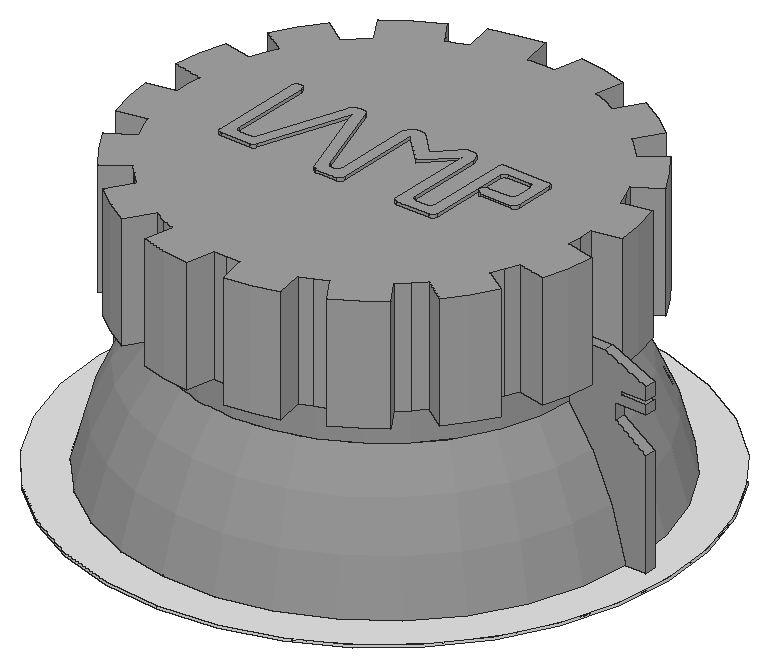
Revit family "LAMP_KOMBIC 200 RD TW", category Luminarias, Revit 2018
Family settings
  Anfitrión = Techo
  Cota de conector redondo = Diámetro de uso
  Tipo de pieza = Normal
  Número OmniClass = 23.80.70.11
  Título OmniClass = Luminaries for Internal Lighting
  Siempre vertical = Sí
  Corte con vacíos al cargar = No
  Origen de luz = Sí
  Compartido = No
  Punto de cálculo de habitación = No
Parameters (values of type "1355LM 2700-6500 MATT BLANCO")
  Ángulo de inclinación = 90.00°
  Without accessory [instance] = yes
  Weight = 0.976 kg
  Wattage = 15.5 W
  Type = "MID POWER NICHIA"
  Transparent glass 860614X [instance] = and(Change accessory, not(Without accessory))  # no
  Recessed diameter = 209 mm
  built-in parameter 1150110 = 1 (stored number, unit not read)
  Protection rating = "IP44"
  Product datasheet = "http://www.lamp.es/product-files/TECH/K31RD2040OP9TWDMW-EN.pdf"
  Product code = "K31RD2040OP9TWDMW"
  Product URL = "https://www.lamp.es/en/family/kombic-downlight_33313"
  Power Supply = "220-240V 50-60Hz"
  Power = 12 W
  Plum = 15.5 W
  Photobiological risk = "Group 0"
  Modelo = Product code  # "K31RD2040OP9TWDMW"
  Model explanation = "Availability of switching between accessories through visibility parameters when placed in a project."
  Material Reflector = LAMP_PC Reflector Kombic Metalizado Mate
  Material Disipador = LAMP_Aluminio Disipador Kombic
  Material Difusor = LAMP_PMMA Difusor Kombic
  Material Armazón GR = LAMP_PC Armazón Kombic GR
  Material Armazón BL = LAMP_PC Armazón Kombic BL
  Manufacturer name = "LAMP"
  Manufacturer country = "Spain"
  Manufacturer URL = "http://www.lamp.es/en"
  MacAdam = "3"
  Lámpara = "MID-POWER LED"
  Luminaire type = ""
  Last update = "24/02/2022"
  LED Lifetime = "50.000 L90 B10"
  Insulation class = "II"
  Installation instructions = "https://www.lamp.es/product-files/packed/INS/33315_Kombic_200.zip"
  IEE = "A+"
  Height = Altura exterior  # 106 mm
  Gear = "Electronic"
  Finish = "RAL9010"
  built-in parameter 1114217 = 1 (stored number, unit not read)
  built-in parameter 1150109 = 1 (stored number, unit not read)
  Fabricante = Manufacturer name  # "LAMP"
  Efficacy = 87.4 lm/W
  Diameter = 220 mm
  Diam. inferior interior = 188 mm
  Diam. exterior cuerpo = 167 mm
  Diam. inferior cuerpo = 220 mm
  Descripción = "KOMBIC 200 RD 2000 IP44 TW OPAL DA MA/WH"
  Decorative ring 920021X [instance] = and(not(Without accessory), not(Change accessory))  # no
  Comentarios de tipo = Model explanation  # "Availability of switching between accessories through visibility parameters when placed in a project."
  built-in parameter 1150134 = (empty or 0)
  built-in parameter 1150113 = 1 (stored number, unit not read)
  Lumens = 1354.7 lm
  built-in parameter 1150115 = 1 (stored number, unit not read)
  built-in parameter 1150105 = 868.28 (stored number, unit not read)
  built-in parameter 1150137 = (empty or 0)
  built-in parameter 1150139 = (empty or 0)
  built-in parameter 1150112 = 1 (stored number, unit not read)
  built-in parameter 1150114 = 1 (stored number, unit not read)
  built-in parameter 1150132 = 2
  built-in parameter 1150102 = (empty or 0)
  built-in parameter 1150138 = (empty or 0)
  built-in parameter 1150107 = 3000 (stored number, unit not read)
  built-in parameter 1150106 = 8.6828 (stored number, unit not read)
  built-in parameter 1150104 = 8.1197 (stored number, unit not read)
  Change accessory [instance] = no
  Dimming Lamp Color Temperature Shift = (empty or 0)
  Color Filter = 16777215
  built-in parameter 1114218 = 1 (stored number, unit not read)
  CRI = "90"
  CCT = "2700-6500"
  Archivo de red fotométrica = "K31RD2040OP9TWDMW_4000K.IES"
  Altura exterior = 106 mm
  Altura central = 62 mm
  built-in parameter 1150133 = 10 (stored number, unit not read)
Types (4, lengths in mm): name | Wattage | Product datasheet | Product code | Power Supply | Power | Plum | Modelo | Material Reflector | LED Lifetime | Efficacy | Descripción | Lumens | built-in parameter 1150105 | built-in parameter 1150106 | built-in parameter 1150104 | Archivo de red fotométrica
  1355LM 2700-6500 MATT BLANCO | 15.5 W | "http://www.lamp.es/product-files/TECH/K31RD2040OP9TWDMW-EN.pdf" | "K31RD2040OP9TWDMW" | "220-240V 50-60Hz" | 12 W | 15.5 W | "K31RD2040OP9TWDMW" | LAMP_PC Reflector Kombic Metalizado Mate | "50.000 L90 B10" | 87.4 lm/W | "KOMBIC 200 RD 2000 IP44 TW OPAL DA MA/WH" | 1354.7 lm | 868.28 (stored number, unit not read) | 8.6828 (stored number, unit not read) | 8.1197 (stored number, unit not read) | "K31RD2040OP9TWDMW_4000K.IES"
  1506LM 2700-6500 BRIGHT BLANCO | 15.5 W | "http://www.lamp.es/product-files/TECH/K31RD2040OP9TWDRW-EN.pdf" | "K31RD2040OP9TWDRW" | "220-240V 50/60Hz" | 12 W | 15.5 W | "K31RD2040OP9TWDRW" | LAMP_PC Reflector Kombic Metalizado Brillante | "50.000 L90 B10" | 97.2 lm/W | "KOMBIC 200 RD 2000 IP44 TW OPAL DA BR/WH" | 1506.6 lm | 965.64 (stored number, unit not read) | 9.6564 (stored number, unit not read) | 9.0302 (stored number, unit not read) | "K31RD2040OP9TWDRW_4000K.IES"
  1989LM 2700-6500 MATT BLANCO | 22.4 W | "http://www.lamp.es/product-files/TECH/K31RD3040OP9TWDMW-EN.pdf" | "K31RD3040OP9TWDMW" | "220-240V 50-60Hz" | 18 W | 22.4 W | "K31RD3040OP9TWDMW" | LAMP_PC Reflector Kombic Metalizado Mate | "50.000 L80 B10" | 88.8 lm/W | "KOMBIC 200 RD 3000 IP44 TW OPAL DA MA/WH" | 1989.12 lm | 1274.9 (stored number, unit not read) | 12.749 (stored number, unit not read) | 8.2498 (stored number, unit not read) | "K31RD3040OP9TWDMW_4000K.IES"
  2161LM 2700-6500 BRIGHT BLANCO | 22.4 W | "http://www.lamp.es/product-files/TECH/K31RD3040OP9TWDRW-EN.pdf" | "K31RD3040OP9TWDRW" | "220-240V 50-60Hz" | 18 W | 22.4 W | "K31RD3040OP9TWDRW" | LAMP_PC Reflector Kombic Metalizado Brillante | "50.000 L80 B10" | 96.5 lm/W | "KOMBIC 200 RD 3000 IP44 TW OPAL DA BR/WH" | 2161.6 lm | 1385.5 (stored number, unit not read) | 13.855 (stored number, unit not read) | 8.9651 (stored number, unit not read) | "K31RD3040OP9TWDRW_4000k.IES"
Reference planes
  plane 1 "Eje de origen de luz (F/P)": y = 0
  plane 2: z = 0
  plane 3 "Eje de origen de luz (I/D)": x = 0
  plane 4 "Techo": z = 4000
  plane 5 "Elevación de origen de luz": z = 4000
  plane 6: x = -83.5
  plane 7: x = 83.5
  plane 8: x = -110
  plane 9: x = 110
  plane 10: z = 4106
  plane 11: x = -94
  plane 12: x = 94
  plane 13: z = 4062
Forms (mm)
  Revolve 1, solid, material "LAMP_PC Armazón Kombic GR" <- "Material Armazón GR"
    sketch origin (0, 0, 0) x (1, 0, 0) y (0, 0, 1)
      loop
        line (-72, 4049) -> (-72, 4062) -> (-73, 4062) -> (-73, 4049)
        spline (-73, 4049) -> (-75.501, 4045.862) -> (-77.88, 4042.551) -> (-80.138, 4039.069) -> (-82.275, 4035.416) -> (-84.29, 4031.59) -> (-86.184, 4027.593) -> (-87.957, 4023.423) -> (-89.608, 4019.082) -> (-91.138, 4014.569) -> (-92.547, 4009.885) -> (-93.834, 4005.028) -> (-95, 4000)
        line (-95, 4000) -> (-94, 4000)
        spline (-94, 4000) -> (-92.834, 4005.028) -> (-91.547, 4009.885) -> (-90.138, 4014.569) -> (-88.608, 4019.082) -> (-86.957, 4023.423) -> (-85.184, 4027.593) -> (-83.29, 4031.59) -> (-81.275, 4035.416) -> (-79.138, 4039.069) -> (-76.88, 4042.551) -> (-74.501, 4045.862) -> (-72, 4049)
      axis (0, 4000) -> (0, 4062)
    angle from 0 to 360
  Extrusion 2, solid, material "LAMP_Aluminio Disipador Kombic" <- "Material Disipador"
    sketch origin (0, 0, 4000) x (0, 1, 0) y (-1, 0, 0)
      loop
        arc (26.177, 82.235) -> (16.747, 84.685) -> (7.101, 86.059) r 86.568
        line (7.101, 86.059) -> (4.972, 75.435)
        arc (4.972, 75.435) -> (2.36, 75.57) -> (-0.256, 75.616) r 75.811
        arc (-0.256, 75.616) -> (-2.881, 75.571) -> (-5.504, 75.435) r 75.811
        line (-5.504, 75.435) -> (-7.633, 86.059)
        arc (-7.633, 86.059) -> (-17.279, 84.685) -> (-26.709, 82.235) r 86.568
        line (-26.709, 82.235) -> (-24.58, 71.611)
        arc (-24.58, 71.611) -> (-26.978, 70.754) -> (-29.346, 69.817) r 75.811
        arc (-29.346, 69.817) -> (-31.681, 68.8) -> (-33.981, 67.706) r 75.811
        line (-33.981, 67.706) -> (-40.005, 76.713)
        arc (-40.005, 76.713) -> (-48.396, 71.76) -> (-56.176, 65.896) r 86.568
        line (-56.176, 65.896) -> (-50.152, 56.89)
        arc (-50.152, 56.89) -> (-52.092, 55.134) -> (-53.97, 53.314) r 75.811
        arc (-53.97, 53.314) -> (-55.791, 51.436) -> (-57.546, 49.496) r 75.811
        line (-57.546, 49.496) -> (-66.552, 55.52)
        arc (-66.552, 55.52) -> (-72.416, 47.739) -> (-77.369, 39.349) r 86.568
        line (-77.369, 39.349) -> (-68.362, 33.325)
        arc (-68.362, 33.325) -> (-69.457, 31.025) -> (-70.473, 28.69) r 75.811
        arc (-70.473, 28.69) -> (-71.41, 26.322) -> (-72.267, 23.923) r 75.811
        line (-72.267, 23.923) -> (-82.892, 26.053)
        arc (-82.892, 26.053) -> (-85.341, 16.623) -> (-86.715, 6.977) r 86.568
        line (-86.715, 6.977) -> (-76.091, 4.847)
        arc (-76.091, 4.847) -> (-76.223, 2.328) -> (-76.272, -0.195) r 75.811
        arc (-76.272, -0.195) -> (-76.223, -2.718) -> (-76.091, -5.238) r 75.811
        line (-76.091, -5.238) -> (-86.715, -7.367)
        arc (-86.715, -7.367) -> (-85.341, -17.013) -> (-82.892, -26.443) r 86.568
        line (-82.892, -26.443) -> (-72.267, -24.314)
        arc (-72.267, -24.314) -> (-71.41, -26.712) -> (-70.473, -29.08) r 75.811
        arc (-70.473, -29.08) -> (-69.457, -31.415) -> (-68.362, -33.715) r 75.811
        line (-68.362, -33.715) -> (-77.369, -39.739)
        arc (-77.369, -39.739) -> (-72.416, -48.13) -> (-66.552, -55.911) r 86.568
        line (-66.552, -55.911) -> (-57.546, -49.886)
        arc (-57.546, -49.886) -> (-55.791, -51.826) -> (-53.97, -53.704) r 75.811
        arc (-53.97, -53.704) -> (-52.092, -55.525) -> (-50.152, -57.28) r 75.811
        line (-50.152, -57.28) -> (-56.176, -66.286)
        arc (-56.176, -66.286) -> (-48.396, -72.15) -> (-40.005, -77.103) r 86.568
        line (-40.005, -77.103) -> (-33.981, -68.097)
        arc (-33.981, -68.097) -> (-31.681, -69.191) -> (-29.346, -70.207) r 75.811
        arc (-29.346, -70.207) -> (-26.978, -71.144) -> (-24.58, -72.002) r 75.811
        line (-24.58, -72.002) -> (-26.709, -82.626)
        arc (-26.709, -82.626) -> (-17.279, -85.075) -> (-7.633, -86.449) r 86.568
        line (-7.633, -86.449) -> (-5.504, -75.825)
        arc (-5.504, -75.825) -> (-2.881, -75.961) -> (-0.256, -76.006) r 75.811
        arc (-0.256, -76.006) -> (2.36, -75.961) -> (4.972, -75.825) r 75.811
        line (4.972, -75.825) -> (7.101, -86.449)
        arc (7.101, -86.449) -> (16.747, -85.075) -> (26.177, -82.626) r 86.568
        line (26.177, -82.626) -> (24.048, -72.002)
        arc (24.048, -72.002) -> (26.446, -71.144) -> (28.814, -70.207) r 75.811
        arc (28.814, -70.207) -> (31.149, -69.191) -> (33.449, -68.097) r 75.811
        line (33.449, -68.097) -> (39.474, -77.103)
        arc (39.474, -77.103) -> (47.864, -72.15) -> (55.645, -66.286) r 86.568
        line (55.645, -66.286) -> (49.62, -57.28)
        arc (49.62, -57.28) -> (51.56, -55.525) -> (53.438, -53.704) r 75.811
        arc (53.438, -53.704) -> (55.259, -51.826) -> (57.014, -49.886) r 75.811
        line (57.014, -49.886) -> (66.021, -55.911)
        arc (66.021, -55.911) -> (71.885, -48.13) -> (76.837, -39.739) r 86.568
        line (76.837, -39.739) -> (67.831, -33.715)
        arc (67.831, -33.715) -> (68.925, -31.415) -> (69.941, -29.08) r 75.811
        arc (69.941, -29.08) -> (70.878, -26.712) -> (71.736, -24.314) r 75.811
        line (71.736, -24.314) -> (82.36, -26.443)
        arc (82.36, -26.443) -> (84.809, -17.013) -> (86.183, -7.367) r 86.568
        line (86.183, -7.367) -> (75.559, -5.238)
        arc (75.559, -5.238) -> (75.692, -2.718) -> (75.74, -0.195) r 75.811
        arc (75.74, -0.195) -> (75.692, 2.328) -> (75.559, 4.847) r 75.811
        line (75.559, 4.847) -> (86.626, 7.066)
        arc (86.626, 7.066) -> (85.118, 16.692) -> (82.538, 26.088) r 86.568
        line (82.538, 26.088) -> (71.736, 23.923)
        arc (71.736, 23.923) -> (70.878, 26.322) -> (69.941, 28.69) r 75.811
        arc (69.941, 28.69) -> (69.311, 30.163) -> (68.649, 31.623) r 75.811
        line (68.649, 31.623) -> (77.684, 37.666)
        arc (77.684, 37.666) -> (72.404, 46.954) -> (66.021, 55.52) r 86.568
        line (66.021, 55.52) -> (57.014, 49.496)
        arc (57.014, 49.496) -> (55.259, 51.436) -> (53.438, 53.314) r 75.811
        arc (53.438, 53.314) -> (51.56, 55.134) -> (49.62, 56.89) r 75.811
        line (49.62, 56.89) -> (55.645, 65.896)
        arc (55.645, 65.896) -> (47.864, 71.76) -> (39.474, 76.713) r 86.568
        line (39.474, 76.713) -> (33.449, 67.706)
        arc (33.449, 67.706) -> (31.149, 68.8) -> (28.814, 69.817) r 75.811
        arc (28.814, 69.817) -> (26.446, 70.754) -> (24.048, 71.611) r 75.811
        line (24.048, 71.611) -> (26.177, 82.235)
    from 62 to 106
  Extrusion 3, solid, material "LAMP_PC Armazón Kombic BL" <- "Material Armazón BL"
    sketch origin (0, 0, 4000) x (0, 1, 0) y (-1, 0, 0)
      loop
        circle (0, 0) r 110
      loop
        circle (0, 0) r 94
    from 0 to -1
  Revolve 4, solid, material "LAMP_PC Reflector Kombic Metalizado Mate" <- "Material Reflector"
    sketch origin (0, 0, 0) x (1, 0, 0) y (0, 0, 1)
      loop
        line (-62.5, 4049) -> (-63.5, 4049) -> (-95, 4000) -> (-94, 4000) -> (-62.5, 4049)
      axis (0, 4000) -> (0, 4049)
    angle from 0 to 360
  Extrusion 5, solid, material "LAMP_PMMA Difusor Kombic" <- "Material Difusor"
    sketch origin (0, 0, 4000) x (0, 1, 0) y (-1, 0, 0)
      loop
        circle (0, 0) r 63.5
    from 49 to 50
  Extrusion 6, solid, material "LAMP_PC Armazón Kombic GR" <- "Material Armazón GR"
    sketch origin (0, 0, 0) x (1, 0, 0) y (0, 0, 1)
      loop
        spline (-95, 4000) -> (-93.834, 4005.028) -> (-92.547, 4009.885) -> (-91.138, 4014.569) -> (-89.608, 4019.082) -> (-87.957, 4023.423) -> (-86.184, 4027.593) -> (-84.29, 4031.59) -> (-82.275, 4035.416) -> (-80.138, 4039.069) -> (-77.88, 4042.551) -> (-75.501, 4045.862) -> (-73, 4049)
        line (-73, 4049) -> (-73, 4071.68) -> (-86.812, 4071.68) -> (-102.735, 4064.402) -> (-102.735, 4059.601) -> (-93.235, 4059.601) -> (-93.235, 4058.301) -> (-102.735, 4058.301) -> (-102.735, 4054.792) -> (-91.033, 4054.792) -> (-91.033, 4048.875) -> (-102.735, 4040.624) -> (-102.735, 4000) -> (-95, 4000)
    from -2 to 2
  Extrusion 7, solid, material "LAMP_PC Armazón Kombic GR" <- "Material Armazón GR"
    sketch origin (0, 0, 0) x (-1, 0, 0) y (0, 0, -1)
      loop
        line (-95, -4000) -> (-102.735, -4000) -> (-102.735, -4040.624) -> (-91.033, -4048.875) -> (-91.033, -4054.792) -> (-102.735, -4054.792) -> (-102.735, -4058.301) -> (-93.235, -4058.301) -> (-93.235, -4059.601) -> (-102.735, -4059.601) -> (-102.735, -4064.402) -> (-86.812, -4071.68) -> (-73, -4071.68) -> (-73, -4049)
        spline (-73, -4049) -> (-75.501, -4045.862) -> (-77.88, -4042.551) -> (-80.138, -4039.069) -> (-82.275, -4035.416) -> (-84.29, -4031.59) -> (-86.184, -4027.593) -> (-87.957, -4023.423) -> (-89.608, -4019.082) -> (-91.138, -4014.569) -> (-92.547, -4009.885) -> (-93.834, -4005.028) -> (-95, -4000)
    from -2 to 2
  Extrusion 8, solid, material "LAMP_Aluminio Disipador Kombic" <- "Material Disipador"
    sketch origin (0, 0, 4000) x (0, 1, 0) y (-1, 0, 0)
      loop
        arc (-17.07, 49.616) -> (-18.349, 49.086) -> (-18.878, 47.807) r 1.808
        line (-18.878, 47.807) -> (-18.878, 36.794)
        arc (-18.878, 36.794) -> (-18.529, 35.702) -> (-17.61, 35.017) r 1.88
        line (-17.61, 35.017) -> (14.401, 24.002) -> (-17.435, 13.048)
        arc (-17.435, 13.048) -> (-18.297, 12.404) -> (-18.625, 11.38) r 1.764
        line (-18.625, 11.38) -> (-18.625, 3.447)
        arc (-18.625, 3.447) -> (-18.108, 2.197) -> (-16.858, 1.68) r 1.768
        line (-16.858, 1.68) -> (14.603, 1.68) -> (4.643, -8.28) -> (14.603, -18.24) -> (-17.162, -18.24)
        arc (-17.162, -18.24) -> (-18.376, -18.743) -> (-18.878, -19.956) r 1.717
        line (-18.878, -19.956) -> (-18.878, -32.273)
        arc (-18.878, -32.273) -> (-18.334, -33.587) -> (-17.02, -34.131) r 1.858
        line (-17.02, -34.131) -> (13.062, -34.131)
        arc (13.062, -34.131) -> (14.332, -34.657) -> (14.858, -35.927) r 1.796
        line (14.858, -35.927) -> (14.858, -44.282)
        arc (14.858, -44.282) -> (14.316, -45.589) -> (13.008, -46.131) r 1.849
        line (13.008, -46.131) -> (6.695, -46.131)
        arc (6.695, -46.131) -> (5.396, -45.593) -> (4.858, -44.293) r 1.838
        line (4.858, -44.293) -> (4.858, -36.6)
        arc (4.858, -36.6) -> (2.858, -34.6) -> (0.858, -36.6) r 2
        line (0.858, -36.6) -> (0.858, -48.338)
        arc (0.858, -48.338) -> (1.383, -49.606) -> (2.651, -50.131) r 1.793
        line (2.651, -50.131) -> (16.976, -50.131)
        arc (16.976, -50.131) -> (18.306, -49.58) -> (18.858, -48.249) r 1.882
        line (18.858, -48.249) -> (18.858, -31.989)
        arc (18.858, -31.989) -> (18.313, -30.675) -> (16.999, -30.131) r 1.858
        line (16.999, -30.131) -> (-13.071, -30.131)
        arc (-13.071, -30.131) -> (-14.385, -29.587) -> (-14.93, -28.272) r 1.859
        line (-14.93, -28.272) -> (-14.93, -24.158)
        arc (-14.93, -24.158) -> (-14.388, -22.851) -> (-13.081, -22.309) r 1.849
        line (-13.081, -22.309) -> (15.175, -22.309)
        arc (15.175, -22.309) -> (19.208, -19.408) -> (17.738, -14.662) r 4.253
        line (17.738, -14.662) -> (11.356, -8.28) -> (17.738, -1.898)
        arc (17.738, -1.898) -> (19.208, 2.848) -> (15.175, 5.749) r 4.253
        line (15.175, 5.749) -> (-12.629, 5.749)
        arc (-12.629, 5.749) -> (-14.893, 7.666) -> (-13.376, 10.214) r 2.295
        line (-13.376, 10.214) -> (16.302, 20.421)
        arc (16.302, 20.421) -> (18.858, 24.002) -> (16.302, 27.584) r 3.788
        line (16.302, 27.584) -> (-13.672, 37.892)
        arc (-13.672, 37.892) -> (-14.583, 38.572) -> (-14.93, 39.655) r 1.864
        line (-14.93, 39.655) -> (-14.93, 43.839)
        arc (-14.93, 43.839) -> (-14.409, 45.095) -> (-13.153, 45.616) r 1.777
        line (-13.153, 45.616) -> (17.07, 45.616)
        arc (17.07, 45.616) -> (19.07, 47.616) -> (17.07, 49.616) r 2
        line (17.07, 49.616) -> (-17.07, 49.616)
    from 107 to 106
  Revolve 9, void
    sketch origin (0, 0, 0) x (1, 0, 0) y (0, 0, 1)
      loop
        line (95, 4000) -> (63.5, 4049) -> (63.5, 4050) -> (0, 4050) -> (0, 3999) -> (95, 3999) -> (95, 4000)
      axis (0, 3999) -> (0, 4050)
    angle from 0 to 360
Cuts and joins
  Revolve 9 cuts Revolve 1
  Revolve 9 cuts Extrusion 3
Text (mm)
  text "Any modification of the parameters and properties of the LAMP BIM models must be executed and validated by the LAMP technical department.\nPhone: +34 93 736 68 00\nE-mail: lamp@lamp.es\n\nLAMP reserves the right to modify the technical specifications of its products." at (304.005, 3121.545, 3275.502), in view "Preview"
Dimensions and locks
  equal spacing: host sketch curve, plane 3 "Eje de origen de luz (I/D)", host sketch curve
  equal spacing: host sketch curve, plane 1 "Eje de origen de luz (F/P)", host sketch curve
  host sketch curve to host sketch curve = 4000 mm  (x2)
  locked: plane 4 "Techo" to host ceiling at 0
  equal spacing: plane 6, plane 3 "Eje de origen de luz (I/D)", plane 7, locked at 83.5 each
  "Diam. exterior cuerpo": plane 6 to plane 7
  equal spacing: plane 8, plane 3 "Eje de origen de luz (I/D)", plane 9, locked at 110 each
  "Diam. inferior cuerpo": plane 8 to plane 9
  "Altura exterior": plane 4 "Techo" to plane 10
  equal spacing: plane 11, plane 3 "Eje de origen de luz (I/D)", plane 12
  "Diam. inferior interior": plane 11 to plane 12
  "Altura central": plane 4 "Techo" to plane 13
  aligned and locked: plane 3 "Eje de origen de luz (I/D)" to imposter light
  aligned and locked: plane 1 "Eje de origen de luz (F/P)" to imposter light
  aligned and locked: plane 5 "Elevación de origen de luz" to imposter light
  aligned and locked: plane 3 "Eje de origen de luz (I/D)" to Revolve 1 sketch curve
  aligned and locked: plane 10 to Extrusion 2
  aligned and locked: Extrusion 2 to plane 13
  aligned and locked: plane 4 "Techo" to Revolve 1
  aligned and locked: plane 3 "Eje de origen de luz (I/D)" to Revolve 4 sketch curve
  aligned and locked: Extrusion 7 to Extrusion 3
  aligned and locked: plane 4 "Techo" to Extrusion 6
  aligned and locked: Extrusion 8 to plane 10
  aligned and locked: Extrusion 8 to Extrusion 2
  aligned and locked: imposter light to plane 4 "Techo"
  aligned and locked: nested 1 to Revolve 4
  aligned and locked: nested 2 to Revolve 4
Automatic sketch dimensions
  Revolve 1 sketch curve to plane 4 "Techo" = 0 mm
  Revolve 1 sketch curve to plane 11 = 0 mm
  Revolve 1 sketch curve to plane 13 = 0 mm
  Revolve 1 sketch curve to plane 11 = 1 mm
  plane 6 to Revolve 1 sketch curve = 10.5 mm
  Revolve 1 sketch curve to Revolve 1 sketch curve = 1 mm
  Revolve 1 sketch curve to Revolve 1 sketch curve = 13 mm
  Revolve 1 sketch curve to Revolve 1 sketch curve = 0 mm
  Revolve 1 sketch curve to level = 358.228 mm
  plane 10 to Revolve 1 sketch curve = 256.185 mm
  Extrusion 2 sketch curve to Extrusion 2 sketch curve = 0 mm  (x665)
  Extrusion 2 sketch curve to plane 3 "Eje de origen de luz (I/D)" = 0 mm  (x2)
  Extrusion 2 sketch curve to plane 3 "Eje de origen de luz (I/D)" = 6.977 mm
  plane 1 "Eje de origen de luz (F/P)" to Extrusion 2 sketch curve = 86.715 mm
  plane 3 "Eje de origen de luz (I/D)" to Extrusion 2 sketch curve = 7.367 mm  (x2)
  plane 3 "Eje de origen de luz (I/D)" to Extrusion 2 sketch curve = 26.443 mm  (x2)
  Extrusion 2 sketch curve to Extrusion 2 sketch curve = 3.823 mm  (x3)
  Extrusion 2 sketch curve to plane 3 "Eje de origen de luz (I/D)" = 26.053 mm
  Extrusion 2 sketch curve to Extrusion 2 sketch curve = 5.523 mm  (x2)
  Extrusion 2 sketch curve to plane 3 "Eje de origen de luz (I/D)" = 4.847 mm  (x2)
  Extrusion 2 sketch curve to Extrusion 2 sketch curve = 10.624 mm  (x4)
  plane 3 "Eje de origen de luz (I/D)" to Extrusion 2 sketch curve = 5.238 mm  (x2)
  plane 3 "Eje de origen de luz (I/D)" to Extrusion 2 sketch curve = 24.314 mm  (x2)
  Extrusion 2 sketch curve to plane 3 "Eje de origen de luz (I/D)" = 23.923 mm  (x2)
  plane 3 "Eje de origen de luz (I/D)" to Extrusion 2 sketch curve = 33.715 mm  (x2)
  Extrusion 2 sketch curve to plane 3 "Eje de origen de luz (I/D)" = 33.325 mm
  Extrusion 2 sketch curve to Extrusion 2 sketch curve = 3.905 mm
  plane 6 to Extrusion 2 sketch curve = 27.98 mm  (x2)
  Extrusion 2 sketch curve to Extrusion 2 sketch curve = 10.817 mm  (x3)
  plane 7 to Extrusion 2 sketch curve = 27.589 mm  (x2)
  Extrusion 2 sketch curve to Extrusion 2 sketch curve = 9.007 mm  (x5)
  plane 7 to Extrusion 2 sketch curve = 17.214 mm  (x2)
  Extrusion 2 sketch curve to Extrusion 2 sketch curve = 10.376 mm  (x2)
  plane 6 to Extrusion 2 sketch curve = 17.604 mm  (x2)
  plane 6 to Extrusion 2 sketch curve = 26.61 mm  (x2)
  Extrusion 2 sketch curve to Extrusion 2 sketch curve = 7.394 mm  (x7)
  plane 7 to Extrusion 2 sketch curve = 26.22 mm
  plane 7 to Extrusion 2 sketch curve = 6.397 mm  (x2)
  Extrusion 2 sketch curve to Extrusion 2 sketch curve = 16.171 mm  (x4)
  plane 6 to Extrusion 2 sketch curve = 6.787 mm  (x2)
  plane 6 to Extrusion 2 sketch curve = 15.794 mm  (x2)
  Extrusion 2 sketch curve to Extrusion 2 sketch curve = 6.024 mm  (x4)
  plane 7 to Extrusion 2 sketch curve = 15.403 mm  (x2)
  plane 6 to Extrusion 2 sketch curve = 1.265 mm  (x2)
  Extrusion 2 sketch curve to Extrusion 2 sketch curve = 13.296 mm  (x2)
  plane 7 to Extrusion 2 sketch curve = 0.874 mm  (x2)
  plane 7 to Extrusion 2 sketch curve = 11.498 mm  (x2)
  plane 6 to Extrusion 2 sketch curve = 11.889 mm  (x2)
  Extrusion 2 sketch curve to plane 7 = 2.949 mm  (x2)
  Extrusion 2 sketch curve to plane 6 = 2.559 mm  (x2)
  plane 1 "Eje de origen de luz (F/P)" to Extrusion 2 sketch curve = 5.504 mm  (x2)
  plane 1 "Eje de origen de luz (F/P)" to Extrusion 2 sketch curve = 0.071 mm  (x2)
  Extrusion 2 sketch curve to plane 1 "Eje de origen de luz (F/P)" = 0.483 mm
  Extrusion 2 sketch curve to plane 1 "Eje de origen de luz (F/P)" = 4.972 mm  (x2)
  Extrusion 2 sketch curve to plane 1 "Eje de origen de luz (F/P)" = 7.101 mm  (x2)
  Extrusion 2 sketch curve to Extrusion 2 sketch curve = 19.076 mm  (x2)
  plane 6 to Extrusion 2 sketch curve = 34.004 mm
  Extrusion 2 sketch curve to plane 3 "Eje de origen de luz (I/D)" = 31.623 mm
  Extrusion 2 sketch curve to Extrusion 2 sketch curve = 11.635 mm
  Extrusion 2 sketch curve to Extrusion 2 sketch curve = 3.086 mm
  plane 3 "Eje de origen de luz (I/D)" to Extrusion 2 sketch curve = 39.739 mm
  Extrusion 2 sketch curve to plane 3 "Eje de origen de luz (I/D)" = 37.666 mm
  Extrusion 2 sketch curve to plane 3 "Eje de origen de luz (I/D)" = 26.088 mm
  Extrusion 2 sketch curve to Extrusion 2 sketch curve = 10.802 mm
  Extrusion 2 sketch curve to plane 3 "Eje de origen de luz (I/D)" = 7.066 mm
  Extrusion 2 sketch curve to Extrusion 2 sketch curve = 11.067 mm
  plane 7 to Extrusion 2 sketch curve = 7.675 mm
  plane 6 to Extrusion 2 sketch curve = 8.065 mm
  Extrusion 2 sketch curve to Extrusion 2 sketch curve = 1.794 mm  (x2)
  Extrusion 2 sketch curve to Extrusion 2 sketch curve = 2.11 mm
  Extrusion 2 sketch curve to Extrusion 2 sketch curve = 4.635 mm  (x4)
  plane 1 "Eje de origen de luz (F/P)" to Extrusion 2 sketch curve = 0.256 mm  (x2)
  Extrusion 2 sketch curve to Extrusion 2 sketch curve = 1.292 mm
  Extrusion 3 sketch curve to Extrusion 3 sketch curve = 0 mm  (x2)
  plane 1 "Eje de origen de luz (F/P)" to Extrusion 3 sketch curve = 0 mm
  Extrusion 3 sketch curve to plane 3 "Eje de origen de luz (I/D)" = 0 mm
  Revolve 4 sketch curve to plane 4 "Techo" = 0 mm
  Revolve 4 sketch curve to plane 11 = 0 mm
  Revolve 4 sketch curve to Revolve 4 sketch curve = 1 mm  (x2)
  plane 6 to Revolve 4 sketch curve = 20 mm
  Revolve 4 sketch curve to plane 13 = 13 mm
  Revolve 4 sketch curve to level = 358.228 mm
  plane 10 to Revolve 4 sketch curve = 256.185 mm
  plane 1 "Eje de origen de luz (F/P)" to Extrusion 5 sketch curve = 0 mm
  Extrusion 5 sketch curve to plane 3 "Eje de origen de luz (I/D)" = 0 mm
  Extrusion 6 sketch curve to plane 4 "Techo" = 0 mm
  plane 8 to Extrusion 6 sketch curve = 7.265 mm  (x2)
  plane 13 to Extrusion 6 sketch curve = 2.402 mm
  Extrusion 6 sketch curve to Extrusion 6 sketch curve = 0 mm
  Extrusion 6 sketch curve to plane 11 = 1 mm
  plane 11 to Extrusion 6 sketch curve = 0.765 mm
  plane 11 to Extrusion 6 sketch curve = 2.967 mm
  Extrusion 6 sketch curve to plane 6 = 3.312 mm
  plane 6 to Extrusion 6 sketch curve = 10.5 mm
  Extrusion 6 sketch curve to plane 13 = 21.376 mm
  Extrusion 6 sketch curve to plane 13 = 13.125 mm
  Extrusion 6 sketch curve to plane 13 = 13 mm
  Extrusion 6 sketch curve to Extrusion 6 sketch curve = 5.917 mm
  Extrusion 6 sketch curve to Extrusion 6 sketch curve = 3.509 mm
  Extrusion 6 sketch curve to Extrusion 6 sketch curve = 1.3 mm
  plane 13 to Extrusion 6 sketch curve = 9.68 mm
  Extrusion 7 sketch curve to plane 4 "Techo" = 0 mm
  Extrusion 7 sketch curve to plane 9 = 7.265 mm  (x2)
  Extrusion 7 sketch curve to plane 13 = 2.402 mm
  Extrusion 7 sketch curve to Extrusion 7 sketch curve = 0 mm
  plane 12 to Extrusion 7 sketch curve = 1 mm
  Extrusion 7 sketch curve to plane 12 = 0.765 mm
  Extrusion 7 sketch curve to plane 12 = 2.967 mm
  plane 7 to Extrusion 7 sketch curve = 3.312 mm
  Extrusion 7 sketch curve to plane 7 = 10.5 mm
  plane 13 to Extrusion 7 sketch curve = 21.376 mm
  plane 13 to Extrusion 7 sketch curve = 13.125 mm
  plane 13 to Extrusion 7 sketch curve = 13 mm
  Extrusion 7 sketch curve to Extrusion 7 sketch curve = 5.917 mm
  Extrusion 7 sketch curve to Extrusion 7 sketch curve = 3.509 mm
  Extrusion 7 sketch curve to Extrusion 7 sketch curve = 1.3 mm
  Extrusion 7 sketch curve to plane 13 = 9.68 mm
  plane 1 "Eje de origen de luz (F/P)" to Extrusion 8 sketch curve = 18.878 mm  (x2)
  Extrusion 8 sketch curve to plane 3 "Eje de origen de luz (I/D)" = 3.447 mm
  plane 1 "Eje de origen de luz (F/P)" to Extrusion 8 sketch curve = 18.625 mm
  Extrusion 8 sketch curve to Extrusion 8 sketch curve = 1.268 mm
  Extrusion 8 sketch curve to Extrusion 8 sketch curve = 1.19 mm
  Extrusion 8 sketch curve to Extrusion 8 sketch curve = 1.717 mm
  Extrusion 8 sketch curve to Extrusion 8 sketch curve = 1.808 mm
  Extrusion 8 sketch curve to Extrusion 8 sketch curve = 1.858 mm
  Extrusion 8 sketch curve to Extrusion 8 sketch curve = 1.88 mm
  Extrusion 8 sketch curve to Extrusion 8 sketch curve = 0.574 mm
  Extrusion 8 sketch curve to plane 3 "Eje de origen de luz (I/D)" = 1.68 mm
  Extrusion 8 sketch curve to Extrusion 8 sketch curve = 2.232 mm
  Extrusion 8 sketch curve to Extrusion 8 sketch curve = 2.14 mm
  Extrusion 8 sketch curve to Extrusion 8 sketch curve = 1.258 mm
  Extrusion 8 sketch curve to Extrusion 8 sketch curve = 3.485 mm
  Extrusion 8 sketch curve to Extrusion 8 sketch curve = 1.777 mm
  Extrusion 8 sketch curve to Extrusion 8 sketch curve = 1.849 mm  (x2)
  Extrusion 8 sketch curve to Extrusion 8 sketch curve = 1.859 mm
  Extrusion 8 sketch curve to Extrusion 8 sketch curve = 1.864 mm
  Extrusion 8 sketch curve to Extrusion 8 sketch curve = 0.746 mm
  Extrusion 8 sketch curve to plane 1 "Eje de origen de luz (F/P)" = 0.858 mm
  Extrusion 8 sketch curve to Extrusion 8 sketch curve = 1.793 mm
  Extrusion 8 sketch curve to Extrusion 8 sketch curve = 2 mm  (x2)
  Extrusion 8 sketch curve to plane 1 "Eje de origen de luz (F/P)" = 4.643 mm
  Extrusion 8 sketch curve to Extrusion 8 sketch curve = 1.838 mm
  Extrusion 8 sketch curve to Extrusion 8 sketch curve = 6.713 mm
  Extrusion 8 sketch curve to Extrusion 8 sketch curve = 6.313 mm
  Extrusion 8 sketch curve to Extrusion 8 sketch curve = 8.204 mm
  Extrusion 8 sketch curve to plane 1 "Eje de origen de luz (F/P)" = 14.401 mm
  Extrusion 8 sketch curve to Extrusion 8 sketch curve = 3.246 mm  (x2)
  Extrusion 8 sketch curve to Extrusion 8 sketch curve = 0.669 mm
  Extrusion 8 sketch curve to Extrusion 8 sketch curve = 0.572 mm  (x2)
  Extrusion 8 sketch curve to Extrusion 8 sketch curve = 1.232 mm  (x2)
  Extrusion 8 sketch curve to Extrusion 8 sketch curve = 3.968 mm
  Extrusion 8 sketch curve to Extrusion 8 sketch curve = 2.142 mm  (x2)
  Extrusion 8 sketch curve to plane 1 "Eje de origen de luz (F/P)" = 17.07 mm
  Extrusion 8 sketch curve to Extrusion 8 sketch curve = 2.563 mm  (x2)
  plane 3 "Eje de origen de luz (I/D)" to Extrusion 8 sketch curve = 1.898 mm
  Extrusion 8 sketch curve to Extrusion 8 sketch curve = 1.882 mm
  Extrusion 8 sketch curve to Extrusion 8 sketch curve = 4.07 mm
  Extrusion 8 sketch curve to Extrusion 8 sketch curve = 4.114 mm
  Extrusion 8 sketch curve to Extrusion 8 sketch curve = 0.673 mm
  Extrusion 8 sketch curve to Extrusion 8 sketch curve = 8.355 mm
  Extrusion 8 sketch curve to Extrusion 8 sketch curve = 2.118 mm
  plane 3 "Eje de origen de luz (I/D)" to Extrusion 8 sketch curve = 8.28 mm
  Extrusion 8 sketch curve to Extrusion 8 sketch curve = 0 mm  (x2)
  Extrusion 8 sketch curve to Extrusion 8 sketch curve = 0.184 mm
  Extrusion 8 sketch curve to Extrusion 8 sketch curve = 2.295 mm
  Extrusion 8 sketch curve to Extrusion 8 sketch curve = 1.166 mm
  Extrusion 8 sketch curve to Extrusion 8 sketch curve = 14.671 mm
  Extrusion 8 sketch curve to Extrusion 8 sketch curve = 3.582 mm
  Extrusion 8 sketch curve to Extrusion 8 sketch curve = 21.969 mm
  Extrusion 8 sketch curve to Extrusion 8 sketch curve = 1.098 mm
  Extrusion 8 sketch curve to Extrusion 8 sketch curve = 4.184 mm
  Revolve 9 sketch curve to plane 3 "Eje de origen de luz (I/D)" = 0 mm  (x2)
  Revolve 9 sketch curve to plane 4 "Techo" = 0 mm
  plane 7 to Revolve 9 sketch curve = 20 mm
  Revolve 9 sketch curve to plane 12 = 1 mm
  Revolve 9 sketch curve to Revolve 9 sketch curve = 1 mm  (x2)
  Revolve 9 sketch curve to plane 13 = 13 mm
  Revolve 9 sketch curve to Revolve 9 sketch curve = 303.8 mm
  plane 10 to Revolve 9 sketch curve = 184.8 mm
  radius of Extrusion 3 sketch curve = 110 mm
  radius of Extrusion 3 sketch curve = 94 mm
  radius of Extrusion 5 sketch curve = 63.5 mm
Nested families
  nested 1: "LAMP_ARO 920021X" at (0, 0, 3998), visible <- "Decorative ring 920021X", type "WHITE"
  nested 2: "LAMP_ARO IP54 860614X" at (0, 0, 3997), visible <- "Transparent glass 860614X", type "GREY"
Connectors
  electrical at (0, 0, 4000)
    settings: on cut or joined group of Extrusion 3, Revolve 9, index 1, voltage 230 V, apparent load 0 VA, apparent load phase1 0 VA, apparent load phase2 0 VA, apparent load phase3 0 VA, power factor 1, load classification "Iluminación", number of poles 1, system type 31, power factor state 1, is connector primary yes, connector utility no, sub classification motor no, connector description ""
Definition of nested family "LAMP_ARO 920021X"
  Parameters (values of type "WHITE")
    Weight = 0.10 kg
    Product datasheet = "http://www.lamp.es/product-files/TECH/9200210-EN.pdf"
    Product code = "9200210"
    Product URL = "http://www.lamp.es/en/accessory/kombic-acc-deco-ring-wh_37495"
    Model = Product code  # "9200210"
    Model explanation = "Availability of switching between accessories through visibility parameters when placed in a project."
    Material Aro = none
    Manufacturer name = "LAMP"
    Manufacturer country = "Spain"
    Manufacturer URL = "http://www.lamp.es/en"
    Luminaire type = "Accessory"
    Last update = "10/05/2018"
    Installation instructions = ""
    Grosor aro = 2 mm
    Finish = "Shiny white"
    Manufacturer = Manufacturer name  # "LAMP"
    Diameter = 226 mm
    Description = "KOMBIC ACC. DECO RING WH."
    Type Comments = Model explanation  # "Availability of switching between accessories through visibility parameters when placed in a project."
  Types (3, lengths in mm): name | Product datasheet | Product code | Product URL | Model | Finish | Description
    (no name) | "http://www.lamp.es/product-files/TECH/9200210-EN.pdf" | "9200210" | "http://www.lamp.es/en/accessory/kombic-acc-deco-ring-wh_37495" | "9200210" | "Shiny white" | "KOMBIC ACC. DECO RING WH."
    WHITE | "http://www.lamp.es/product-files/TECH/9200210-EN.pdf" | "9200210" | "http://www.lamp.es/en/accessory/kombic-acc-deco-ring-wh_37495" | "9200210" | "Shiny white" | "KOMBIC ACC. DECO RING WH."
    GREY | "http://www.lamp.es/product-files/TECH/9200213-EN.pdf" | "9200213" | "http://www.lamp.es/en/accessory/kombic-acc-deco-ring-gr_37496" | "9200213" | "Gloss grey" | "KOMBIC ACC. DECO RING GR."
  Reference planes
    plane 1 "Centro (Frontal/Posterior)": y = 0
    plane 2: z = 0
    plane 3 "Centro (Izquierda/Derecha)": x = 0
    plane 4: z = 2
  Forms (mm)
    Extrusion 1, solid, material <- "Material Aro"
      sketch origin (0, 0, 0) x (1, 0, 0) y (0, 1, 0)
        loop
          circle (0, 0) r 113
        loop
          circle (0, 0) r 83.5
      from 0 to 2
  Text (mm)
    text "Any modification of the parameters and properties of the LAMP BIM models must be executed and validated by the LAMP technical department.\nPhone: +34 93 736 68 00\nE-mail: lamp@lamp.es\n\nLAMP reserves the right to modify the technical specifications of its products." at (201.404, -28.601, 149.077), in view "Preview"
  Dimensions and locks
    "Grosor aro": plane 4 to level
    aligned and locked: level to plane 2
    aligned and locked: plane 4 to Extrusion 1
    aligned and locked: Extrusion 1 to level
    aligned and locked: Extrusion 1 to plane 4
    aligned and locked: level to Extrusion 1
  Automatic sketch dimensions
    Extrusion 1 sketch curve to Extrusion 1 sketch curve = 0 mm  (x2)
    plane 1 "Centro (Frontal/Posterior)" to Extrusion 1 sketch curve = 0 mm
    Extrusion 1 sketch curve to plane 3 "Centro (Izquierda/Derecha)" = 0 mm
    radius of Extrusion 1 sketch curve = 113 mm
    radius of Extrusion 1 sketch curve = 83.5 mm
Definition of nested family "LAMP_ARO IP54 860614X"
  Parameters (values of type "WHITE")
    Weight = 0.218 kg
    Protection rating = "IP54"
    Product datasheet = "http://www.lamp.es/product-files/TECH/8606140-EN.pdf"
    Product code = "8606140"
    Model = Product code  # "8606140"
    Model explanation = "Availability of switching between accessories through visibility parameters when placed in a project."
    Material Cristal = none
    Material Aro = none
    Manufacturer name = "LAMP"
    Manufacturer country = "Spain"
    Manufacturer URL = "http://www.lamp.es/en"
    Luminaire type = "Accessory"
    Last update = "14/05/2018"
    Installation instructions = ""
    Grosor aro = 3 mm
    Finish = "Matt white"
    Manufacturer = Manufacturer name  # "LAMP"
    Diameter = 174 mm
    Description = "DOMO 220 ACC.TRANSP GLASS WH."
    Type Comments = Model explanation  # "Availability of switching between accessories through visibility parameters when placed in a project."
  Types (3, lengths in mm): name | Product datasheet | Product code | Model | Finish | Description
    (no name) | "http://www.lamp.es/product-files/TECH/8606140-EN.pdf" | "8606140" | "8606140" | "Matt white" | "DOMO 220 ACC.TRANSP GLASS WH."
    WHITE | "http://www.lamp.es/product-files/TECH/8606140-EN.pdf" | "8606140" | "8606140" | "Matt white" | "DOMO 220 ACC.TRANSP GLASS WH."
    GREY | "http://www.lamp.es/product-files/TECH/8606143-EN.pdf" | "8606143" | "8606143" | "Gloss grey" | "DOMO 220 ACC.TRANSP GLASS GR."
  Reference planes
    plane 1 "Centro (Frontal/Posterior)": y = 0
    plane 2: z = 0
    plane 3 "Centro (Izquierda/Derecha)": x = 0
    plane 4: z = 3
  Forms (mm)
    Extrusion 1, solid, material <- "Material Aro"
      sketch origin (0, 0, 0) x (1, 0, 0) y (0, 1, 0)
        loop
          circle (0, 0) r 113
        loop
          circle (0, 0) r 83.5
      from 0 to 3
    Extrusion 2, solid, material <- "Material Cristal"
      sketch origin (0, 0, 0) x (1, 0, 0) y (0, 1, 0)
        loop
          circle (0, 0) r 83.5
      from 1 to 3
  Text (mm)
    text "Any modification of the parameters and properties of the LAMP BIM models must be executed and validated by the LAMP technical department.\nPhone: +34 93 736 68 00\nE-mail: lamp@lamp.es\n\nLAMP reserves the right to modify the technical specifications of its products." at (189.655, 51.95, 129.596), in view "Preview"
  Dimensions and locks
    "Grosor aro": plane 4 to level
    aligned and locked: level to plane 2
    aligned and locked: plane 4 to Extrusion 1
    aligned and locked: Extrusion 1 to level
    aligned and locked: Extrusion 1 to plane 4
    aligned and locked: level to Extrusion 1
  Automatic sketch dimensions
    Extrusion 1 sketch curve to Extrusion 1 sketch curve = 0 mm  (x2)
    plane 1 "Centro (Frontal/Posterior)" to Extrusion 1 sketch curve = 0 mm
    Extrusion 1 sketch curve to plane 3 "Centro (Izquierda/Derecha)" = 0 mm
    plane 1 "Centro (Frontal/Posterior)" to Extrusion 2 sketch curve = 0 mm
    Extrusion 2 sketch curve to plane 3 "Centro (Izquierda/Derecha)" = 0 mm
    radius of Extrusion 1 sketch curve = 113 mm
    radius of Extrusion 1 sketch curve = 83.5 mm
    radius of Extrusion 2 sketch curve = 83.5 mm
